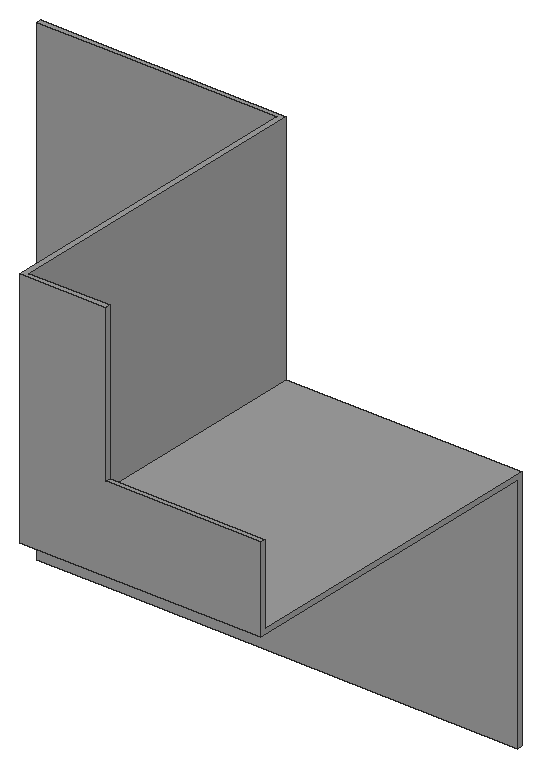
Revit family "Flashing_Preformed_Hyload_Type-W3", category Generic Models, Revit 2013
Parameters (values of type "As Specified")
  Unit Width = 0' - 7 1/8"
  Unit Height = 0' - 3"
  Unit Depth = 0' - 6"
  URL = "http://www.hyload.com/"
  Thickness = 0' - 0 1/16"
  Specification = "http://www.arcat.com/sdspecs/htm04/07_65_00hyl.htm"
  Sales Information = "http://www.hyload.com/contact-us"
  Revision = "R1_12-2015"
  Product Properties = "http://www.hyload.com/masonry-flashing/preformed-shapes/"
  Product Data = "http://www.arcat.com/arcatcos/cos33/arc33176.html"
  Model = "Type W3"
  Manufacturer Website = "http://www.hyload.com/"
  Manufacturer Phone - Toll Free = "800-457-4056"
  Manufacturer Phone = "330-769-3546"
  Manufacturer Fax = "330-769-4153"
  Manufacturer Address = "5020 Panther Pkwy., Seville, OH 44273"
  Manufacturer = "Hyload"
  Keynote = "07 65 00"
  Flashing Material = Hyload Flashing Membrane - Grey
  Drawn By = "Robert S. Weygant / Sumex Design"
  Description = "Preformed Hyload Masonry Flashing - Type W3"
  Copyright = "(c) ARCAT, Inc, 2015"
  Construction Details = "http://www.arcat.com/details/hyload/hyload.html?coid=33176"
  Assembly Code = "B3010400"
Reference planes (in)
  plane 1 "Center (Front/Back)": y = 0
  plane 2: z = 0
  plane 3 "Center (Left/Right)": x = 0
  plane 4: x = 3
  plane 5: z = 3
  plane 6: y = -4
  plane 7: z = 6
Forms (in)
  Sweep 1, solid, material "Hyload Flashing Membrane - Grey" <- "Flashing Material"
    path origin (0, 0, 0) x (1, 0, 0) y (0, 0, 1)
      loop
        line (3, 3) -> (0, 3) -> (0, 6)
    profile origin (1.5, 0, 3) x (0, 0, -1) y (0, -1, 0)
      loop
        line (0, 0) -> (0, 4) -> (-1.0625, 4) -> (-1.0625, 3.9375) -> (-0.0625, 3.9375) -> (-0.0625, -0.0625) -> (3, -0.0625) -> (3, 0) -> (0, 0)
  Extrusion 2, solid, material "Hyload Flashing Membrane - Grey" <- "Flashing Material"
    sketch origin (0, 0, 0) x (1, 0, 0) y (0, 0, 1)
      loop
        line (-2, 6) -> (-3, 6) -> (-3, 0) -> (-2, 0) -> (-2, 6)
    from -0.0625 to 0
Cuts and joins
  joined: Sweep 1, Extrusion 2
Dimensions and locks (in)
  "Unit Height": plane 5 to level
  plane 1 "Center (Front/Back)" to plane 6 = 0' - 4"
  plane 7 to level = 0' - 6"
  plane 4 to plane 3 "Center (Left/Right)" = 0' - 3"
  aligned and locked: plane 2 to level
  aligned and locked: plane 3 "Center (Left/Right)" to Sweep 1 sketch curve
  aligned and locked: plane 5 to Sweep 1 sketch curve  (x2)
  aligned and locked: Sweep 1 sketch curve to plane 6
  aligned and locked: Sweep 1 sketch curve to level
  aligned and locked: plane 7 to Sweep 1 sketch curve
  aligned and locked: Extrusion 2 sketch curve to plane 7
  aligned and locked: Sweep 1 to Extrusion 2 sketch curve
  aligned and locked: Extrusion 2 sketch curve to Sweep 1
  aligned and locked: Sweep 1 to Extrusion 2
  aligned and locked: plane 1 "Center (Front/Back)" to Extrusion 2
Automatic sketch dimensions
  profile plane to Sweep 1 sketch curve = 0' - 1 1/16"
  profile plane to Sweep 1 sketch curve = 0' - 0 1/16"
  Sweep 1 sketch curve to Sweep 1 sketch curve = 0' - 0 1/16"  (x2)
  Sweep 1 sketch curve to plane 1 "Center (Front/Back)" = 0' - 0"
  Sweep 1 sketch curve to plane 4 = 0' - 0"
  Extrusion 2 sketch curve to plane 3 "Center (Left/Right)" = 0' - 2"
